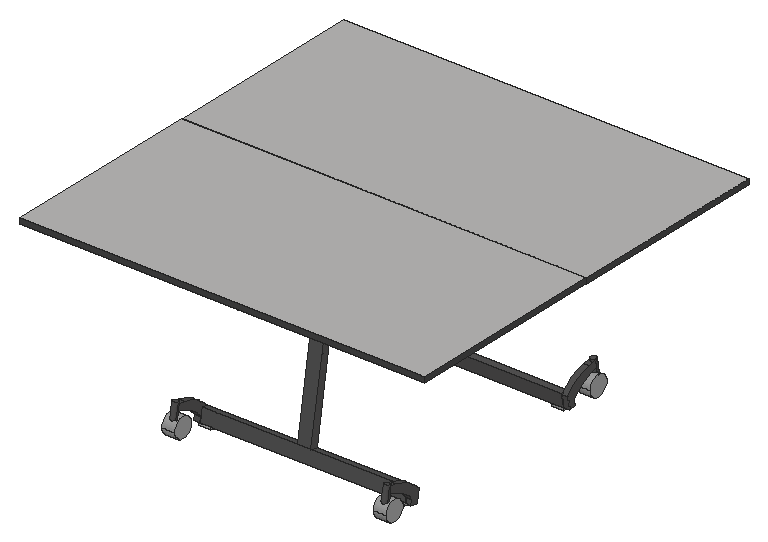
Revit family "22M MT 60 Fixed", category Furniture, Revit 2016
Family settings
  OmniClass Number = 23.40.20.00
  OmniClass Title = General Furniture and Specialties
  Work Plane-Based = No
  Always vertical = Yes
  Cut with Voids When Loaded = No
  Shared = No
  Room Calculation Point = No
Parameters (values of type "22M MT Square 29" High 60" Size")
  Top [instance] = Palmer Hamilton Lt Gry
  Shape = 22M 60 Square : 22M 60 Square
  Open [instance] = yes
  Model = "22M132960SQ-MT"
  Height = 2' - 5"
  Frame [instance] = Palmer Hamilton Black
  Edge [instance] = Palmer Hamilton - Edge
  Closed [instance] = not(Open)  # no
Reference planes (in)
  plane 1 "Center Front/Back": y = 0
  plane 2: z = 0
  plane 3 "Center Left/Right": x = 0
  plane 4: z = 29
  plane 5: z = 28.1875
Forms (in)
  Extrusion 1, solid, material "Palmer Hamilton Black" <- "Frame", visible <- "Open"
    sketch origin (0, 0, 0) x (1, 0, 0) y (0, 1, 0)
      loop
        line (-23.5938, -2.9375) -> (-23.5938, -4.1875) -> (23.6148, -4.1875) -> (23.6148, -2.9375) -> (-23.5938, -2.9375)
    from 26.37295 to 26.185
  Extrusion 2, solid, material "Palmer Hamilton Black" <- "Frame", visible <- "Open"
    sketch origin (0, 0, 0) x (-1, 0, 0) y (0, -1, 0)
      loop
        line (-23.5938, -2.9375) -> (-23.5938, -4.1875) -> (23.6148, -4.1875) -> (23.6148, -2.9375) -> (-23.5938, -2.9375)
    from 24.37295 to 26.185
  Extrusion 3, solid, material "Palmer Hamilton - Caster", visible <- "Open"
    sketch origin (-3.5625, -1.40523, 0.16852) x (0, 1, 0) y (0, 0, 1)
      loop
        circle (-17.51121, 1.47721) r 1.48082
    from -13.09375 to -11.15625
  Extrusion 4, solid, material "Palmer Hamilton Black" <- "Frame", visible <- "Open"
    sketch origin (-3.5625, 0, 0) x (0, 1, 0) y (0, 0, 1)
      loop
        line (-17.93372, 4.52353) -> (-19.13474, 4.73071) -> (-19.30706, 3.73169)
        arc (-19.30706, 3.73169) -> (-16.893, 2.94147) -> (-15.02222, 1.22323) r 6
        line (-15.02222, 1.22323) -> (-15.14846, 0.49139) -> (-14.15576, 0.32015) -> (-13.83045, 2.20604)
        arc (-13.83045, 2.20604) -> (-15.68121, 3.72046) -> (-17.93372, 4.52353) r 7
    from -12.55801 to -11.69199
  Extrusion 5, solid, material "Palmer Hamilton Black" <- "Frame", visible <- "Open"
    sketch origin (0, 0, 0) x (0, 1, 0) y (0, 0, 1)
      loop
        line (-14.15576, 0.32015) -> (-13.81579, 2.29105) -> (-14.80849, 2.46229) -> (-15.14846, 0.49139) -> (-14.15576, 0.32015)
    from -15.25449 to 15.25449
  Extrusion 6, solid, material "Palmer Hamilton Black" <- "Frame", visible <- "Open"
    sketch origin (0, 0, 0) x (0, 1, 0) y (0, 0, 1)
      loop
        line (-11.06838, 24.10105) -> (-14.80123, 2.46103) -> (-13.81579, 2.29105) -> (-10.07105, 23.99997) -> (-9.9404, 28.1875) -> (-10.94088, 28.1875) -> (-11.06838, 24.10105)
    from -1 to 1
  Extrusion 7, solid, material "Palmer Hamilton Black" <- "Frame", visible <- "Open"
    sketch origin (-3.5625, -13.42125, 9.87317) x (1, 0, 0) y (0, -0.984808, 0.173648)
      loop
        circle (-12.125, 4.73071) r 0.43301
    from 5.87278 to 8.34345
  Extrusion 8, solid, material "Palmer Hamilton - Caster", visible <- "Open"
    sketch origin (3.5625, -1.40523, 0.16852) x (0, 1, 0) y (0, 0, -1)
      loop
        circle (-17.51121, -1.47721) r 1.48082
    from -13.09375 to -11.15625
  Extrusion 9, solid, material "Palmer Hamilton Black" <- "Frame", visible <- "Open"
    sketch origin (3.5625, 0, 0) x (0, 1, 0) y (0, 0, -1)
      loop
        arc (-17.93372, -4.52353) -> (-15.68121, -3.72046) -> (-13.83045, -2.20604) r 7
        line (-13.83045, -2.20604) -> (-14.15576, -0.32015) -> (-15.14846, -0.49139) -> (-15.02222, -1.22323)
        arc (-15.02222, -1.22323) -> (-16.893, -2.94147) -> (-19.30706, -3.73169) r 6
        line (-19.30706, -3.73169) -> (-19.13474, -4.73071) -> (-17.93372, -4.52353)
    from -12.55801 to -11.69199
  Extrusion 10, solid, material "Palmer Hamilton Black" <- "Frame", visible <- "Open"
    sketch origin (3.5625, -13.42125, 9.87317) x (-1, 0, 0) y (0, 0.984808, -0.173648)
      loop
        circle (-12.125, -4.73071) r 0.43301
    from 5.87278 to 8.34345
  Extrusion 11, solid, material "Palmer Hamilton - Caster", visible <- "Open"
    sketch origin (-3.5625, -0.29943, -2.71621) x (1, 0, 0) y (0, 0.982643, -0.185508)
      loop
        line (-11.75, -14.10233) -> (-11.75, -15.25255) -> (-10, -15.25255) -> (-10, -14.10233) -> (-11.75, -14.10233)
    from 0.06173 to 0.40948
  Extrusion 12, solid, material "Palmer Hamilton Black" <- "Frame", visible <- "Open"
    sketch origin (0, 0, 0) x (0, 1, 0) y (0, 0, 1)
      loop
        line (-11.41736, 22.52337) -> (-11.62984, 21.29156) -> (-10.36887, 21.07405)
        arc (-10.36887, 21.07405) -> (-9.99557, 21.15826) -> (-9.79116, 21.48178) r 0.5
        line (-9.79116, 21.48178) -> (-9.74866, 21.72814)
        arc (-9.74866, 21.72814) -> (-9.83287, 22.10144) -> (-10.15639, 22.30586) r 0.5
        line (-10.15639, 22.30586) -> (-11.41736, 22.52337)
    from -1.5 to -1
  Extrusion 13, solid, material "Palmer Hamilton Black" <- "Frame", visible <- "Open"
    sketch origin (0, 0, 0) x (0, 1, 0) y (0, 0, 1)
      loop
        line (0.33278, 25.73927) -> (-10.8379, 21.81926) -> (-10.63095, 21.22952) -> (0.59407, 25.1686) -> (0.33278, 25.73927)
    from -1.75 to -1.5
  Extrusion 14, solid, material "Palmer Hamilton - Caster", visible <- "Open"
    sketch origin (3.5625, -0.29943, -2.71621) x (-1, 0, 0) y (0, -0.982643, 0.185508)
      loop
        line (-11.75, 14.10233) -> (-10, 14.10233) -> (-10, 15.25255) -> (-11.75, 15.25255) -> (-11.75, 14.10233)
    from 0.06173 to 0.40948
  Extrusion 15, solid, material "Palmer Hamilton - Caster", visible <- "Closed"
    sketch origin (-3.5625, 12.50854, 3.06684) x (0, 0.984808, 0.173648) y (0, -0.173648, 0.984808)
      loop
        circle (-17.51121, 1.47721) r 1.48082
    from -13.09375 to -11.15625
  Extrusion 16, solid, material "Palmer Hamilton Black" <- "Frame", visible <- "Closed"
    sketch origin (-3.5625, 13.92169, 3.14489) x (0, 0.984808, 0.173648) y (0, -0.173648, 0.984808)
      loop
        line (-17.93372, 4.52353) -> (-19.13474, 4.73071) -> (-19.30706, 3.73169)
        arc (-19.30706, 3.73169) -> (-16.893, 2.94147) -> (-15.02222, 1.22323) r 6
        line (-15.02222, 1.22323) -> (-15.14846, 0.49139) -> (-14.15576, 0.32015) -> (-13.83045, 2.20604)
        arc (-13.83045, 2.20604) -> (-15.68121, 3.72046) -> (-17.93372, 4.52353) r 7
    from -12.55801 to -11.69199
  Extrusion 17, solid, material "Palmer Hamilton Black" <- "Frame", visible <- "Closed"
    sketch origin (0, 13.92169, 3.14489) x (0, 0.984808, 0.173648) y (0, -0.173648, 0.984808)
      loop
        line (-14.15576, 0.32015) -> (-13.81579, 2.29105) -> (-14.80849, 2.46229) -> (-15.14846, 0.49139) -> (-14.15576, 0.32015)
    from -15.25449 to 15.25449
  Extrusion 18, solid, material "Palmer Hamilton Black" <- "Frame", visible <- "Closed"
    sketch origin (0, 13.92169, 3.14489) x (0, 0.984808, 0.173648) y (0, -0.173648, 0.984808)
      loop
        line (-11.06838, 24.10105) -> (-14.80123, 2.46103) -> (-13.81579, 2.29105) -> (-10.07105, 23.99997) -> (-9.9404, 28.1875) -> (-10.94088, 28.1875) -> (-11.06838, 24.10105)
    from -1 to 1
  Extrusion 19, solid, material "Palmer Hamilton Black" <- "Frame", visible <- "Closed"
    sketch origin (-3.5625, -1.01012, 10.53749) x (0, -1, 0) y (1, 0, 0)
      loop
        circle (4.73071, -12.125) r 0.43301
    from -8.55402 to -5.94871
  Extrusion 20, solid, material "Palmer Hamilton - Caster", visible <- "Closed"
    sketch origin (3.5625, 12.50854, 3.06684) x (0, 0.984808, 0.173648) y (0, 0.173648, -0.984808)
      loop
        circle (-17.51121, -1.47721) r 1.48082
    from -13.09375 to -11.15625
  Extrusion 21, solid, material "Palmer Hamilton Black" <- "Frame", visible <- "Closed"
    sketch origin (3.5625, 13.92169, 3.14489) x (0, 0.984808, 0.173648) y (0, 0.173648, -0.984808)
      loop
        arc (-17.93372, -4.52353) -> (-15.68121, -3.72046) -> (-13.83045, -2.20604) r 7
        line (-13.83045, -2.20604) -> (-14.15576, -0.32015) -> (-15.14846, -0.49139) -> (-15.02222, -1.22323)
        arc (-15.02222, -1.22323) -> (-16.893, -2.94147) -> (-19.30706, -3.73169) r 6
        line (-19.30706, -3.73169) -> (-19.13474, -4.73071) -> (-17.93372, -4.52353)
    from -12.55801 to -11.69199
  Extrusion 22, solid, material "Palmer Hamilton Black" <- "Frame", visible <- "Closed"
    sketch origin (3.5625, -1.01012, 10.53749) x (0, 1, 0) y (-1, 0, 0)
      loop
        circle (-4.73071, -12.125) r 0.43301
    from -8.55402 to -5.94871
  Extrusion 23, solid, material "Palmer Hamilton - Caster", visible <- "Closed"
    sketch origin (-3.5625, 14.09847, 0.41795) x (1, 0, 0) y (0, 0.999927, -0.012055)
      loop
        line (-11.75, -14.10233) -> (-11.75, -15.25255) -> (-10, -15.25255) -> (-10, -14.10233) -> (-11.75, -14.10233)
    from 0.06173 to 0.40948
  Extrusion 24, solid, material "Palmer Hamilton Black" <- "Frame", visible <- "Closed"
    sketch origin (0, 13.92169, 3.14489) x (0, 0.984808, 0.173648) y (0, -0.173648, 0.984808)
      loop
        line (-11.41736, 22.52337) -> (-11.62984, 21.29156) -> (-10.36887, 21.07405)
        arc (-10.36887, 21.07405) -> (-9.99557, 21.15826) -> (-9.79116, 21.48178) r 0.5
        line (-9.79116, 21.48178) -> (-9.74866, 21.72814)
        arc (-9.74866, 21.72814) -> (-9.83287, 22.10144) -> (-10.15639, 22.30586) r 0.5
        line (-10.15639, 22.30586) -> (-11.41736, 22.52337)
    from -1.5 to -1
  Extrusion 25, solid, material "Palmer Hamilton - Caster", visible <- "Closed"
    sketch origin (3.5625, 14.09847, 0.41795) x (-1, 0, 0) y (0, -0.999927, 0.012055)
      loop
        line (-11.75, 14.10233) -> (-10, 14.10233) -> (-10, 15.25255) -> (-11.75, 15.25255) -> (-11.75, 14.10233)
    from 0.06173 to 0.40948
  Extrusion 26, solid, material "Palmer Hamilton - Caster", visible <- "Open"
    sketch origin (3.5625, 1.40523, 0.16852) x (0, -1, 0) y (0, 0, 1)
      loop
        circle (-17.51121, 1.47721) r 1.48082
    from -13.09375 to -11.15625
  Extrusion 27, solid, material "Palmer Hamilton Black" <- "Frame", visible <- "Open"
    sketch origin (3.5625, 0, 0) x (0, -1, 0) y (0, 0, 1)
      loop
        line (-17.93372, 4.52353) -> (-19.13474, 4.73071) -> (-19.30706, 3.73169)
        arc (-19.30706, 3.73169) -> (-16.893, 2.94147) -> (-15.02222, 1.22323) r 6
        line (-15.02222, 1.22323) -> (-15.14846, 0.49139) -> (-14.15576, 0.32015) -> (-13.83045, 2.20604)
        arc (-13.83045, 2.20604) -> (-15.68121, 3.72046) -> (-17.93372, 4.52353) r 7
    from -12.55801 to -11.69199
  Extrusion 28, solid, material "Palmer Hamilton Black" <- "Frame", visible <- "Open"
    sketch origin (0, 0, 0) x (0, -1, 0) y (0, 0, 1)
      loop
        line (-14.15576, 0.32015) -> (-13.81579, 2.29105) -> (-14.80849, 2.46229) -> (-15.14846, 0.49139) -> (-14.15576, 0.32015)
    from -15.25449 to 15.25449
  Extrusion 29, solid, material "Palmer Hamilton Black" <- "Frame", visible <- "Open"
    sketch origin (0, 0, 0) x (0, -1, 0) y (0, 0, 1)
      loop
        line (-11.06838, 24.10105) -> (-14.80123, 2.46103) -> (-13.81579, 2.29105) -> (-10.07105, 23.99997) -> (-9.9404, 28.1875) -> (-10.94088, 28.1875) -> (-11.06838, 24.10105)
    from -1 to 1
  Extrusion 30, solid, material "Palmer Hamilton Black" <- "Frame", visible <- "Open"
    sketch origin (3.5625, 13.42125, 9.87317) x (-1, 0, 0) y (0, 0.984808, 0.173648)
      loop
        circle (-12.125, 4.73071) r 0.43301
    from 5.87278 to 8.34345
  Extrusion 31, solid, material "Palmer Hamilton - Caster", visible <- "Open"
    sketch origin (-3.5625, 1.40523, 0.16852) x (0, -1, 0) y (0, 0, -1)
      loop
        circle (-17.51121, -1.47721) r 1.48082
    from -13.09375 to -11.15625
  Extrusion 32, solid, material "Palmer Hamilton Black" <- "Frame", visible <- "Open"
    sketch origin (-3.5625, 0, 0) x (0, -1, 0) y (0, 0, -1)
      loop
        arc (-17.93372, -4.52353) -> (-15.68121, -3.72046) -> (-13.83045, -2.20604) r 7
        line (-13.83045, -2.20604) -> (-14.15576, -0.32015) -> (-15.14846, -0.49139) -> (-15.02222, -1.22323)
        arc (-15.02222, -1.22323) -> (-16.893, -2.94147) -> (-19.30706, -3.73169) r 6
        line (-19.30706, -3.73169) -> (-19.13474, -4.73071) -> (-17.93372, -4.52353)
    from -12.55801 to -11.69199
  Extrusion 33, solid, material "Palmer Hamilton Black" <- "Frame", visible <- "Open"
    sketch origin (-3.5625, 13.42125, 9.87317) x (1, 0, 0) y (0, -0.984808, -0.173648)
      loop
        circle (-12.125, -4.73071) r 0.43301
    from 5.87278 to 8.34345
  Extrusion 34, solid, material "Palmer Hamilton - Caster", visible <- "Open"
    sketch origin (3.5625, 0.29943, -2.71621) x (-1, 0, 0) y (0, -0.982643, -0.185508)
      loop
        line (-11.75, -14.10233) -> (-11.75, -15.25255) -> (-10, -15.25255) -> (-10, -14.10233) -> (-11.75, -14.10233)
    from 0.06173 to 0.40948
  Extrusion 35, solid, material "Palmer Hamilton Black" <- "Frame", visible <- "Open"
    sketch origin (0, 0, 0) x (0, -1, 0) y (0, 0, 1)
      loop
        line (-11.41736, 22.52337) -> (-11.62984, 21.29156) -> (-10.36887, 21.07405)
        arc (-10.36887, 21.07405) -> (-9.99557, 21.15826) -> (-9.79116, 21.48178) r 0.5
        line (-9.79116, 21.48178) -> (-9.74866, 21.72814)
        arc (-9.74866, 21.72814) -> (-9.83287, 22.10144) -> (-10.15639, 22.30586) r 0.5
        line (-10.15639, 22.30586) -> (-11.41736, 22.52337)
    from -1.5 to -1
  Extrusion 36, solid, material "Palmer Hamilton Black" <- "Frame", visible <- "Open"
    sketch origin (0, 0, 0) x (0, -1, 0) y (0, 0, 1)
      loop
        line (0.33278, 25.73927) -> (-10.8379, 21.81926) -> (-10.63095, 21.22952) -> (0.59407, 25.1686) -> (0.33278, 25.73927)
    from -1.75 to -1.5
  Extrusion 37, solid, material "Palmer Hamilton - Caster", visible <- "Open"
    sketch origin (-3.5625, 0.29943, -2.71621) x (1, 0, 0) y (0, 0.982643, 0.185508)
      loop
        line (-11.75, 14.10233) -> (-10, 14.10233) -> (-10, 15.25255) -> (-11.75, 15.25255) -> (-11.75, 14.10233)
    from 0.06173 to 0.40948
  Extrusion 38, solid, material "Palmer Hamilton - Caster", visible <- "Closed"
    sketch origin (3.5625, -12.50854, 3.06684) x (0, -0.984808, 0.173648) y (0, 0.173648, 0.984808)
      loop
        circle (-17.51121, 1.47721) r 1.48082
    from -13.09375 to -11.15625
  Extrusion 39, solid, material "Palmer Hamilton Black" <- "Frame", visible <- "Closed"
    sketch origin (3.5625, -13.92169, 3.14489) x (0, -0.984808, 0.173648) y (0, 0.173648, 0.984808)
      loop
        line (-17.93372, 4.52353) -> (-19.13474, 4.73071) -> (-19.30706, 3.73169)
        arc (-19.30706, 3.73169) -> (-16.893, 2.94147) -> (-15.02222, 1.22323) r 6
        line (-15.02222, 1.22323) -> (-15.14846, 0.49139) -> (-14.15576, 0.32015) -> (-13.83045, 2.20604)
        arc (-13.83045, 2.20604) -> (-15.68121, 3.72046) -> (-17.93372, 4.52353) r 7
    from -12.55801 to -11.69199
  Extrusion 40, solid, material "Palmer Hamilton Black" <- "Frame", visible <- "Closed"
    sketch origin (0, -13.92169, 3.14489) x (0, -0.984808, 0.173648) y (0, 0.173648, 0.984808)
      loop
        line (-14.15576, 0.32015) -> (-13.81579, 2.29105) -> (-14.80849, 2.46229) -> (-15.14846, 0.49139) -> (-14.15576, 0.32015)
    from -15.25449 to 15.25449
  Extrusion 41, solid, material "Palmer Hamilton Black" <- "Frame", visible <- "Closed"
    sketch origin (0, -13.92169, 3.14489) x (0, -0.984808, 0.173648) y (0, 0.173648, 0.984808)
      loop
        line (-11.06838, 24.10105) -> (-14.80123, 2.46103) -> (-13.81579, 2.29105) -> (-10.07105, 23.99997) -> (-9.9404, 28.1875) -> (-10.94088, 28.1875) -> (-11.06838, 24.10105)
    from -1 to 1
  Extrusion 42, solid, material "Palmer Hamilton Black" <- "Frame", visible <- "Closed"
    sketch origin (3.5625, 1.01012, 10.53749) x (0, 1, 0) y (-1, 0, 0)
      loop
        circle (4.73071, -12.125) r 0.43301
    from -8.55402 to -5.94871
  Extrusion 43, solid, material "Palmer Hamilton - Caster", visible <- "Closed"
    sketch origin (-3.5625, -12.50854, 3.06684) x (0, -0.984808, 0.173648) y (0, -0.173648, -0.984808)
      loop
        circle (-17.51121, -1.47721) r 1.48082
    from -13.09375 to -11.15625
  Extrusion 44, solid, material "Palmer Hamilton Black" <- "Frame", visible <- "Closed"
    sketch origin (-3.5625, -13.92169, 3.14489) x (0, -0.984808, 0.173648) y (0, -0.173648, -0.984808)
      loop
        arc (-17.93372, -4.52353) -> (-15.68121, -3.72046) -> (-13.83045, -2.20604) r 7
        line (-13.83045, -2.20604) -> (-14.15576, -0.32015) -> (-15.14846, -0.49139) -> (-15.02222, -1.22323)
        arc (-15.02222, -1.22323) -> (-16.893, -2.94147) -> (-19.30706, -3.73169) r 6
        line (-19.30706, -3.73169) -> (-19.13474, -4.73071) -> (-17.93372, -4.52353)
    from -12.55801 to -11.69199
  Extrusion 45, solid, material "Palmer Hamilton Black" <- "Frame", visible <- "Closed"
    sketch origin (-3.5625, 1.01012, 10.53749) x (0, -1, 0) y (1, 0, 0)
      loop
        circle (-4.73071, -12.125) r 0.43301
    from -8.55402 to -5.94871
  Extrusion 46, solid, material "Palmer Hamilton - Caster", visible <- "Closed"
    sketch origin (3.5625, -14.09847, 0.41795) x (-1, 0, 0) y (0, -0.999927, -0.012055)
      loop
        line (-11.75, -14.10233) -> (-11.75, -15.25255) -> (-10, -15.25255) -> (-10, -14.10233) -> (-11.75, -14.10233)
    from 0.06173 to 0.40948
  Extrusion 47, solid, material "Palmer Hamilton Black" <- "Frame", visible <- "Closed"
    sketch origin (0, -13.92169, 3.14489) x (0, -0.984808, 0.173648) y (0, 0.173648, 0.984808)
      loop
        line (-11.41736, 22.52337) -> (-11.62984, 21.29156) -> (-10.36887, 21.07405)
        arc (-10.36887, 21.07405) -> (-9.99557, 21.15826) -> (-9.79116, 21.48178) r 0.5
        line (-9.79116, 21.48178) -> (-9.74866, 21.72814)
        arc (-9.74866, 21.72814) -> (-9.83287, 22.10144) -> (-10.15639, 22.30586) r 0.5
        line (-10.15639, 22.30586) -> (-11.41736, 22.52337)
    from -1.5 to -1
  Extrusion 48, solid, material "Palmer Hamilton - Caster", visible <- "Closed"
    sketch origin (-3.5625, -14.09847, 0.41795) x (1, 0, 0) y (0, 0.999927, 0.012055)
      loop
        line (-11.75, 14.10233) -> (-10, 14.10233) -> (-10, 15.25255) -> (-11.75, 15.25255) -> (-11.75, 14.10233)
    from 0.06173 to 0.40948
Dimensions and locks (in)
  locked: plane 4 to plane 5 at 0.8125
  "Height": plane 4 to level
  locked: plane 5 to Extrusion 1 at 1.81455
  aligned and locked: level to plane 2
Automatic sketch dimensions
  plane 1 "Center Front/Back" to Extrusion 1 sketch curve = 0' - 4 3/16"
  Extrusion 1 sketch curve to plane 3 "Center Left/Right" = 1' - 11.5938"
  plane 3 "Center Left/Right" to Extrusion 1 sketch curve = 1' - 11.6148"
  Extrusion 1 sketch curve to Extrusion 1 sketch curve = 0' - 1 1/4"
  Extrusion 2 sketch curve to plane 1 "Center Front/Back" = 0' - 4 3/16"
  plane 3 "Center Left/Right" to Extrusion 2 sketch curve = 1' - 11.5938"
  Extrusion 2 sketch curve to plane 3 "Center Left/Right" = 1' - 11.6148"
  Extrusion 2 sketch curve to Extrusion 2 sketch curve = 0' - 1 1/4"
  level to Extrusion 3 sketch curve = 0' - 1.64573"
  plane 1 "Center Front/Back" to Extrusion 3 sketch curve = 1' - 6.91645"
  Extrusion 4 sketch curve to level = 0' - 2.23647"
  plane 1 "Center Front/Back" to Extrusion 4 sketch curve = 1' - 7.92431"
  level to Extrusion 4 sketch curve = 0' - 3.73169"
  Extrusion 4 sketch curve to Extrusion 4 sketch curve = 0' - 0.61724"
  level to Extrusion 4 sketch curve = 0' - 4.73071"
  Extrusion 4 sketch curve to Extrusion 4 sketch curve = 0' - 0.17233"
  Extrusion 4 sketch curve to Extrusion 4 sketch curve = 0' - 0.80068"
  level to Extrusion 4 sketch curve = 0' - 4.52353"
  level to Extrusion 4 sketch curve = 0' - 0.49139"
  Extrusion 4 sketch curve to Extrusion 4 sketch curve = 0' - 3.97517"
  level to Extrusion 4 sketch curve = 0' - 1.22323"
  level to Extrusion 4 sketch curve = 0' - 0.32015"
  level to Extrusion 4 sketch curve = 0' - 2.20604"
  level to Extrusion 5 sketch curve = 0' - 0.49139"
  plane 1 "Center Front/Back" to Extrusion 5 sketch curve = 1' - 3.14846"
  level to Extrusion 5 sketch curve = 0' - 2.46229"
  Extrusion 5 sketch curve to Extrusion 5 sketch curve = 0' - 0.33997"
  level to Extrusion 5 sketch curve = 0' - 0.32015"
  plane 5 to Extrusion 6 sketch curve = 0' - 0"
  level to Extrusion 6 sketch curve = 0' - 2.46103"
  plane 1 "Center Front/Back" to Extrusion 6 sketch curve = 1' - 2.80123"
  level to Extrusion 6 sketch curve = 0' - 2.29105"
  Extrusion 6 sketch curve to Extrusion 6 sketch curve = 0' - 0.98545"
  plane 5 to Extrusion 6 sketch curve = 0' - 4.08645"
  Extrusion 6 sketch curve to Extrusion 6 sketch curve = 0' - 0.1275"
  plane 5 to Extrusion 6 sketch curve = 0' - 4.18753"
  Extrusion 6 sketch curve to Extrusion 6 sketch curve = 0' - 1.00049"
  Extrusion 7 sketch curve to plane 3 "Center Left/Right" = 1' - 3 11/16"
  level to Extrusion 8 sketch curve = 0' - 1.64573"
  plane 1 "Center Front/Back" to Extrusion 8 sketch curve = 1' - 6.91645"
  Extrusion 9 sketch curve to level = 0' - 2.23647"
  plane 1 "Center Front/Back" to Extrusion 9 sketch curve = 1' - 7.92431"
  level to Extrusion 9 sketch curve = 0' - 3.73169"
  Extrusion 9 sketch curve to Extrusion 9 sketch curve = 0' - 0.61724"
  level to Extrusion 9 sketch curve = 0' - 4.73071"
  Extrusion 9 sketch curve to Extrusion 9 sketch curve = 0' - 0.17233"
  Extrusion 9 sketch curve to Extrusion 9 sketch curve = 0' - 0.80068"
  level to Extrusion 9 sketch curve = 0' - 4.52353"
  level to Extrusion 9 sketch curve = 0' - 0.49139"
  Extrusion 9 sketch curve to Extrusion 9 sketch curve = 0' - 3.97517"
  level to Extrusion 9 sketch curve = 0' - 1.22323"
  level to Extrusion 9 sketch curve = 0' - 0.32015"
  level to Extrusion 9 sketch curve = 0' - 2.20604"
  plane 3 "Center Left/Right" to Extrusion 10 sketch curve = 1' - 3 11/16"
  Extrusion 11 sketch curve to plane 3 "Center Left/Right" = 1' - 3 5/16"
  Extrusion 11 sketch curve to Extrusion 11 sketch curve = 0' - 1 3/4"
  Extrusion 11 sketch curve to Extrusion 11 sketch curve = 0' - 1.15021"
  plane 1 "Center Front/Back" to Extrusion 12 sketch curve = 0' - 11.62984"
  plane 5 to Extrusion 12 sketch curve = 0' - 5.66413"
  Extrusion 12 sketch curve to Extrusion 12 sketch curve = 0' - 0.21248"
  Extrusion 12 sketch curve to Extrusion 12 sketch curve = 0' - 1.26097"
  Extrusion 12 sketch curve to Extrusion 12 sketch curve = 0' - 0.08499"  (x2)
  Extrusion 12 sketch curve to Extrusion 12 sketch curve = 0' - 0.0425"  (x2)
  Extrusion 12 sketch curve to Extrusion 12 sketch curve = 0' - 0.49272"  (x2)
  Extrusion 12 sketch curve to Extrusion 12 sketch curve = 0' - 0.21751"
  Extrusion 12 sketch curve to Extrusion 12 sketch curve = 0' - 0.24636"
  plane 1 "Center Front/Back" to Extrusion 13 sketch curve = 0' - 10.8379"
  plane 5 to Extrusion 13 sketch curve = 0' - 6.95798"
  Extrusion 13 sketch curve to Extrusion 13 sketch curve = 0' - 0.20695"
  Extrusion 13 sketch curve to plane 1 "Center Front/Back" = 0' - 0.33278"
  Extrusion 13 sketch curve to plane 1 "Center Front/Back" = 0' - 0.59407"
  Extrusion 13 sketch curve to Extrusion 13 sketch curve = 0' - 0.58974"
  plane 3 "Center Left/Right" to Extrusion 14 sketch curve = 1' - 3 5/16"
  Extrusion 14 sketch curve to Extrusion 14 sketch curve = 0' - 1 3/4"
  Extrusion 14 sketch curve to Extrusion 14 sketch curve = 0' - 1.15021"
  level to Extrusion 15 sketch curve = 0' - 1.48082"
  plane 1 "Center Front/Back" to Extrusion 15 sketch curve = 0' - 4.99316"
  Extrusion 16 sketch curve to level = 0' - 2.51742"
  plane 1 "Center Front/Back" to Extrusion 16 sketch curve = 0' - 5.31157"
  Extrusion 16 sketch curve to Extrusion 16 sketch curve = 0' - 0.61724"
  Extrusion 16 sketch curve to Extrusion 16 sketch curve = 0' - 0.17233"
  Extrusion 16 sketch curve to Extrusion 16 sketch curve = 0' - 0.80068"
  Extrusion 16 sketch curve to Extrusion 16 sketch curve = 0' - 1.20101"
  Extrusion 16 sketch curve to Extrusion 16 sketch curve = 0' - 3.97517"
  Extrusion 16 sketch curve to Extrusion 16 sketch curve = 0' - 0.12624"
  Extrusion 16 sketch curve to Extrusion 16 sketch curve = 0' - 0.9927"
  Extrusion 16 sketch curve to Extrusion 16 sketch curve = 0' - 1.19177"
  Extrusion 16 sketch curve to Extrusion 16 sketch curve = 0' - 0.13811"
  Extrusion 16 sketch curve to Extrusion 16 sketch curve = 0' - 2.69474"
  Extrusion 16 sketch curve to Extrusion 16 sketch curve = 0' - 0.17124"
  level to Extrusion 17 sketch curve = 0' - 0.99832"
  plane 1 "Center Front/Back" to Extrusion 17 sketch curve = 0' - 1.08197"
  Extrusion 17 sketch curve to Extrusion 17 sketch curve = 0' - 0.33997"
  Extrusion 17 sketch curve to Extrusion 17 sketch curve = 0' - 0.9927"
  Extrusion 17 sketch curve to Extrusion 17 sketch curve = 0' - 0.17124"
  level to Extrusion 18 sketch curve = 0' - 2.99833"
  plane 1 "Center Front/Back" to Extrusion 18 sketch curve = 0' - 1 21/256"
  Extrusion 18 sketch curve to Extrusion 18 sketch curve = 0' - 0.98545"
  Extrusion 18 sketch curve to Extrusion 18 sketch curve = 0' - 3.73285"
  Extrusion 18 sketch curve to Extrusion 18 sketch curve = 0' - 0.1275"
  Extrusion 18 sketch curve to Extrusion 18 sketch curve = 0' - 0.99733"
  Extrusion 18 sketch curve to Extrusion 18 sketch curve = 0' - 1.00049"
  Extrusion 18 sketch curve to Extrusion 18 sketch curve = 0' - 0.16999"
  Extrusion 18 sketch curve to Extrusion 18 sketch curve = 0' - 4.18753"
  plane 1 "Center Front/Back" to Extrusion 19 sketch curve = 0' - 5.74083"
  Extrusion 19 sketch curve to plane 3 "Center Left/Right" = 1' - 3 11/16"
  level to Extrusion 20 sketch curve = 0' - 1.48082"
  plane 1 "Center Front/Back" to Extrusion 20 sketch curve = 0' - 4.99316"
  Extrusion 21 sketch curve to level = 0' - 2.51742"
  plane 1 "Center Front/Back" to Extrusion 21 sketch curve = 0' - 5.31157"
  Extrusion 21 sketch curve to Extrusion 21 sketch curve = 0' - 0.61724"
  Extrusion 21 sketch curve to Extrusion 21 sketch curve = 0' - 0.17233"
  Extrusion 21 sketch curve to Extrusion 21 sketch curve = 0' - 0.80068"
  Extrusion 21 sketch curve to Extrusion 21 sketch curve = 0' - 1.20101"
  Extrusion 21 sketch curve to Extrusion 21 sketch curve = 0' - 3.97517"
  Extrusion 21 sketch curve to Extrusion 21 sketch curve = 0' - 0.12624"
  Extrusion 21 sketch curve to Extrusion 21 sketch curve = 0' - 0.9927"
  Extrusion 21 sketch curve to Extrusion 21 sketch curve = 0' - 1.19177"
  Extrusion 21 sketch curve to Extrusion 21 sketch curve = 0' - 2.55663"
  Extrusion 21 sketch curve to Extrusion 21 sketch curve = 0' - 0.17124"
  Extrusion 21 sketch curve to Extrusion 21 sketch curve = 0' - 0.79184"
  plane 1 "Center Front/Back" to Extrusion 22 sketch curve = 0' - 5.74083"
  plane 3 "Center Left/Right" to Extrusion 22 sketch curve = 1' - 3 11/16"
  Extrusion 23 sketch curve to plane 3 "Center Left/Right" = 1' - 3 5/16"
  Extrusion 23 sketch curve to Extrusion 23 sketch curve = 0' - 1 3/4"
  Extrusion 23 sketch curve to Extrusion 23 sketch curve = 0' - 1.15021"
  plane 1 "Center Front/Back" to Extrusion 24 sketch curve = 0' - 1.22871"
  plane 5 to Extrusion 24 sketch curve = 0' - 6.09401"
  Extrusion 24 sketch curve to Extrusion 24 sketch curve = 0' - 0.21248"
  Extrusion 24 sketch curve to Extrusion 24 sketch curve = 0' - 1.26097"
  Extrusion 24 sketch curve to Extrusion 24 sketch curve = 0' - 0.08499"  (x2)
  Extrusion 24 sketch curve to Extrusion 24 sketch curve = 0' - 0.0425"  (x2)
  Extrusion 24 sketch curve to Extrusion 24 sketch curve = 0' - 0.49272"
  Extrusion 24 sketch curve to Extrusion 24 sketch curve = 0' - 0.21751"
  Extrusion 24 sketch curve to Extrusion 24 sketch curve = 0' - 0.40773"
  Extrusion 24 sketch curve to Extrusion 24 sketch curve = 0' - 0.24636"
  plane 3 "Center Left/Right" to Extrusion 25 sketch curve = 1' - 3 5/16"
  Extrusion 25 sketch curve to Extrusion 25 sketch curve = 0' - 1 3/4"
  Extrusion 25 sketch curve to Extrusion 25 sketch curve = 0' - 1.15021"
  level to Extrusion 26 sketch curve = 0' - 1.64573"
  Extrusion 26 sketch curve to plane 1 "Center Front/Back" = 1' - 6.91645"
  Extrusion 27 sketch curve to level = 0' - 2.23647"
  Extrusion 27 sketch curve to plane 1 "Center Front/Back" = 1' - 7.92431"
  level to Extrusion 27 sketch curve = 0' - 3.73169"
  Extrusion 27 sketch curve to Extrusion 27 sketch curve = 0' - 0.61724"
  level to Extrusion 27 sketch curve = 0' - 4.73071"
  Extrusion 27 sketch curve to Extrusion 27 sketch curve = 0' - 0.17233"
  Extrusion 27 sketch curve to Extrusion 27 sketch curve = 0' - 0.80068"
  level to Extrusion 27 sketch curve = 0' - 4.52353"
  level to Extrusion 27 sketch curve = 0' - 0.49139"
  Extrusion 27 sketch curve to Extrusion 27 sketch curve = 0' - 3.97517"
  level to Extrusion 27 sketch curve = 0' - 1.22323"
  level to Extrusion 27 sketch curve = 0' - 0.32015"
  level to Extrusion 27 sketch curve = 0' - 2.20604"
  level to Extrusion 28 sketch curve = 0' - 0.49139"
  Extrusion 28 sketch curve to plane 1 "Center Front/Back" = 1' - 3.14846"
  level to Extrusion 28 sketch curve = 0' - 2.46229"
  Extrusion 28 sketch curve to Extrusion 28 sketch curve = 0' - 0.33997"
  level to Extrusion 28 sketch curve = 0' - 0.32015"
  plane 5 to Extrusion 29 sketch curve = 0' - 0"
  level to Extrusion 29 sketch curve = 0' - 2.46103"
  Extrusion 29 sketch curve to plane 1 "Center Front/Back" = 1' - 2.80123"
  level to Extrusion 29 sketch curve = 0' - 2.29105"
  Extrusion 29 sketch curve to Extrusion 29 sketch curve = 0' - 0.98545"
  plane 5 to Extrusion 29 sketch curve = 0' - 4.08645"
  Extrusion 29 sketch curve to Extrusion 29 sketch curve = 0' - 0.1275"
  plane 5 to Extrusion 29 sketch curve = 0' - 4.18753"
  Extrusion 29 sketch curve to Extrusion 29 sketch curve = 0' - 1.00049"
  plane 3 "Center Left/Right" to Extrusion 30 sketch curve = 1' - 3 11/16"
  level to Extrusion 31 sketch curve = 0' - 1.64573"
  Extrusion 31 sketch curve to plane 1 "Center Front/Back" = 1' - 6.91645"
  Extrusion 32 sketch curve to level = 0' - 2.23647"
  Extrusion 32 sketch curve to plane 1 "Center Front/Back" = 1' - 7.92431"
  level to Extrusion 32 sketch curve = 0' - 3.73169"
  Extrusion 32 sketch curve to Extrusion 32 sketch curve = 0' - 0.61724"
  level to Extrusion 32 sketch curve = 0' - 4.73071"
  Extrusion 32 sketch curve to Extrusion 32 sketch curve = 0' - 0.17233"
  Extrusion 32 sketch curve to Extrusion 32 sketch curve = 0' - 0.80068"
  level to Extrusion 32 sketch curve = 0' - 4.52353"
  level to Extrusion 32 sketch curve = 0' - 0.49139"
  Extrusion 32 sketch curve to Extrusion 32 sketch curve = 0' - 3.97517"
  level to Extrusion 32 sketch curve = 0' - 1.22323"
  level to Extrusion 32 sketch curve = 0' - 0.32015"
  level to Extrusion 32 sketch curve = 0' - 2.20604"
  Extrusion 33 sketch curve to plane 3 "Center Left/Right" = 1' - 3 11/16"
  plane 3 "Center Left/Right" to Extrusion 34 sketch curve = 1' - 3 5/16"
  Extrusion 34 sketch curve to Extrusion 34 sketch curve = 0' - 1 3/4"
  Extrusion 34 sketch curve to Extrusion 34 sketch curve = 0' - 1.15021"
  Extrusion 35 sketch curve to plane 1 "Center Front/Back" = 0' - 11.62984"
  plane 5 to Extrusion 35 sketch curve = 0' - 5.66413"
  Extrusion 35 sketch curve to Extrusion 35 sketch curve = 0' - 0.21248"
  Extrusion 35 sketch curve to Extrusion 35 sketch curve = 0' - 1.26097"
  Extrusion 35 sketch curve to Extrusion 35 sketch curve = 0' - 0.08499"  (x2)
  Extrusion 35 sketch curve to Extrusion 35 sketch curve = 0' - 0.0425"  (x2)
  Extrusion 35 sketch curve to Extrusion 35 sketch curve = 0' - 0.49272"  (x2)
  Extrusion 35 sketch curve to Extrusion 35 sketch curve = 0' - 0.21751"
  Extrusion 35 sketch curve to Extrusion 35 sketch curve = 0' - 0.24636"
  Extrusion 36 sketch curve to plane 1 "Center Front/Back" = 0' - 10.8379"
  plane 5 to Extrusion 36 sketch curve = 0' - 6.95798"
  Extrusion 36 sketch curve to Extrusion 36 sketch curve = 0' - 0.20695"
  plane 1 "Center Front/Back" to Extrusion 36 sketch curve = 0' - 0.33278"
  plane 1 "Center Front/Back" to Extrusion 36 sketch curve = 0' - 0.59407"
  Extrusion 36 sketch curve to Extrusion 36 sketch curve = 0' - 0.58974"
  Extrusion 37 sketch curve to plane 3 "Center Left/Right" = 1' - 3 5/16"
  Extrusion 37 sketch curve to Extrusion 37 sketch curve = 0' - 1 3/4"
  Extrusion 37 sketch curve to Extrusion 37 sketch curve = 0' - 1.15021"
  level to Extrusion 38 sketch curve = 0' - 1.48082"
  Extrusion 38 sketch curve to plane 1 "Center Front/Back" = 0' - 4.99316"
  Extrusion 39 sketch curve to level = 0' - 2.51742"
  Extrusion 39 sketch curve to plane 1 "Center Front/Back" = 0' - 5.31157"
  Extrusion 39 sketch curve to Extrusion 39 sketch curve = 0' - 0.61724"
  Extrusion 39 sketch curve to Extrusion 39 sketch curve = 0' - 0.17233"
  Extrusion 39 sketch curve to Extrusion 39 sketch curve = 0' - 0.80068"
  Extrusion 39 sketch curve to Extrusion 39 sketch curve = 0' - 1.20101"
  Extrusion 39 sketch curve to Extrusion 39 sketch curve = 0' - 3.97517"
  Extrusion 39 sketch curve to Extrusion 39 sketch curve = 0' - 0.12624"
  Extrusion 39 sketch curve to Extrusion 39 sketch curve = 0' - 0.9927"
  Extrusion 39 sketch curve to Extrusion 39 sketch curve = 0' - 1.19177"
  Extrusion 39 sketch curve to Extrusion 39 sketch curve = 0' - 0.13811"
  Extrusion 39 sketch curve to Extrusion 39 sketch curve = 0' - 2.69474"
  Extrusion 39 sketch curve to Extrusion 39 sketch curve = 0' - 0.17124"
  level to Extrusion 40 sketch curve = 0' - 0.99832"
  Extrusion 40 sketch curve to plane 1 "Center Front/Back" = 0' - 1.08197"
  Extrusion 40 sketch curve to Extrusion 40 sketch curve = 0' - 0.33997"
  Extrusion 40 sketch curve to Extrusion 40 sketch curve = 0' - 0.9927"
  Extrusion 40 sketch curve to Extrusion 40 sketch curve = 0' - 0.17124"
  Extrusion 41 sketch curve to plane 1 "Center Front/Back" = 0' - 1 21/256"
  level to Extrusion 41 sketch curve = 0' - 2.99833"
  Extrusion 41 sketch curve to Extrusion 41 sketch curve = 0' - 0.98545"
  Extrusion 41 sketch curve to Extrusion 41 sketch curve = 0' - 3.73285"
  Extrusion 41 sketch curve to Extrusion 41 sketch curve = 0' - 0.1275"
  Extrusion 41 sketch curve to Extrusion 41 sketch curve = 0' - 0.99733"
  Extrusion 41 sketch curve to Extrusion 41 sketch curve = 0' - 1.00049"
  Extrusion 41 sketch curve to Extrusion 41 sketch curve = 0' - 0.16999"
  Extrusion 41 sketch curve to Extrusion 41 sketch curve = 0' - 4.18753"
  Extrusion 42 sketch curve to plane 1 "Center Front/Back" = 0' - 5.74083"
  plane 3 "Center Left/Right" to Extrusion 42 sketch curve = 1' - 3 11/16"
  level to Extrusion 43 sketch curve = 0' - 1.48082"
  Extrusion 43 sketch curve to plane 1 "Center Front/Back" = 0' - 4.99316"
  Extrusion 44 sketch curve to level = 0' - 2.51742"
  Extrusion 44 sketch curve to plane 1 "Center Front/Back" = 0' - 5.31157"
  Extrusion 44 sketch curve to Extrusion 44 sketch curve = 0' - 0.61724"
  Extrusion 44 sketch curve to Extrusion 44 sketch curve = 0' - 0.17233"
  Extrusion 44 sketch curve to Extrusion 44 sketch curve = 0' - 0.80068"
  Extrusion 44 sketch curve to Extrusion 44 sketch curve = 0' - 1.20101"
  Extrusion 44 sketch curve to Extrusion 44 sketch curve = 0' - 3.97517"
  Extrusion 44 sketch curve to Extrusion 44 sketch curve = 0' - 0.12624"
  Extrusion 44 sketch curve to Extrusion 44 sketch curve = 0' - 0.9927"
  Extrusion 44 sketch curve to Extrusion 44 sketch curve = 0' - 1.19177"
  Extrusion 44 sketch curve to Extrusion 44 sketch curve = 0' - 2.55663"
  Extrusion 44 sketch curve to Extrusion 44 sketch curve = 0' - 0.17124"
  Extrusion 44 sketch curve to Extrusion 44 sketch curve = 0' - 0.79184"
  Extrusion 45 sketch curve to plane 1 "Center Front/Back" = 0' - 5.74083"
  Extrusion 45 sketch curve to plane 3 "Center Left/Right" = 1' - 3 11/16"
  plane 3 "Center Left/Right" to Extrusion 46 sketch curve = 1' - 3 5/16"
  Extrusion 46 sketch curve to Extrusion 46 sketch curve = 0' - 1 3/4"
  Extrusion 46 sketch curve to Extrusion 46 sketch curve = 0' - 1.15021"
  Extrusion 47 sketch curve to plane 1 "Center Front/Back" = 0' - 1.22871"
  plane 5 to Extrusion 47 sketch curve = 0' - 6.09401"
  Extrusion 47 sketch curve to Extrusion 47 sketch curve = 0' - 0.21248"
  Extrusion 47 sketch curve to Extrusion 47 sketch curve = 0' - 1.26097"
  Extrusion 47 sketch curve to Extrusion 47 sketch curve = 0' - 0.08499"  (x2)
  Extrusion 47 sketch curve to Extrusion 47 sketch curve = 0' - 0.0425"  (x2)
  Extrusion 47 sketch curve to Extrusion 47 sketch curve = 0' - 0.49272"
  Extrusion 47 sketch curve to Extrusion 47 sketch curve = 0' - 0.21751"
  Extrusion 47 sketch curve to Extrusion 47 sketch curve = 0' - 0.40773"
  Extrusion 47 sketch curve to Extrusion 47 sketch curve = 0' - 0.24636"
  Extrusion 48 sketch curve to plane 3 "Center Left/Right" = 1' - 3 5/16"
  Extrusion 48 sketch curve to Extrusion 48 sketch curve = 0' - 1 3/4"
  Extrusion 48 sketch curve to Extrusion 48 sketch curve = 0' - 1.15021"
  radius of Extrusion 3 sketch curve = 0' - 1.48082"
  radius of Extrusion 7 sketch curve = 0' - 0.43301"
  radius of Extrusion 8 sketch curve = 0' - 1.48082"
  radius of Extrusion 10 sketch curve = 0' - 0.43301"
  radius of Extrusion 15 sketch curve = 0' - 1.48082"
  radius of Extrusion 19 sketch curve = 0' - 0.43301"
  radius of Extrusion 20 sketch curve = 0' - 1.48082"
  radius of Extrusion 22 sketch curve = 0' - 0.43301"
  radius of Extrusion 26 sketch curve = 0' - 1.48082"
  radius of Extrusion 30 sketch curve = 0' - 0.43301"
  radius of Extrusion 31 sketch curve = 0' - 1.48082"
  radius of Extrusion 33 sketch curve = 0' - 0.43301"
  radius of Extrusion 38 sketch curve = 0' - 1.48082"
  radius of Extrusion 42 sketch curve = 0' - 0.43301"
  radius of Extrusion 43 sketch curve = 0' - 1.48082"
  radius of Extrusion 45 sketch curve = 0' - 0.43301"
Nested families (in)
  nested 1: "22M 60 Square" at (0, 0, 0), Top <- "Top", Edge <- "Edge", Frame <- "Frame", Height <- "Height", Open <- "Open", type <- "Shape", type "22M 60 Square"
    with Top Palmer Hamilton Lt Gry, Open yes, Height 2' - 5", Frame Palmer Hamilton Black, Edge Palmer Hamilton - Edge, Closed no
Definition of nested family "22M 60 Square"
  Parameters (values of type "22M 60 Square")
    Top [instance] = none
    Open [instance] = yes
    Height [instance] = 2' - 5"
    Frame [instance] = none
    Edge [instance] = none
    Closed [instance] = not(Open)  # no
  Reference planes (in)
    plane 1 "Center Front/Back": y = 0
    plane 2: z = 0
    plane 3 "Center Left/Right": x = 0
    plane 4: z = 29
    plane 5: z = 28.1875
    plane 6: z = 26.0625
  Forms (in)
    Extrusion 1, solid, material <- "Frame", visible <- "Open"
      sketch origin (0, 0, 0) x (1, 0, 0) y (0, 1, 0)
        loop
          line (-23.80109, -5.0625) -> (-23.80109, -8.21742) -> (-19.2566, -19.18879) -> (0, -27.16514) -> (19.2566, -19.18879) -> (23.80109, -8.21742) -> (23.80109, -5.0625) -> (23.30109, -5.0625) -> (23.30109, -8.11796) -> (18.87392, -18.80611) -> (0, -26.62394) -> (-18.87392, -18.80611) -> (-23.30109, -8.11796) -> (-23.30109, -5.0625) -> (-23.80109, -5.0625)
      from 26.0625 to 28.1875
    Extrusion 2, solid, visible <- "Open"
      sketch origin (0, 0, 0) x (1, 0, 0) y (0, 1, 0)
        loop
          line (-30, -0.0625) -> (-30, -30) -> (30, -30) -> (30, -0.0625) -> (-30, -0.0625)
      from 28.1875 to 29
    Extrusion 3, solid, material <- "Frame", visible <- "Closed"
      sketch origin (0, 25.43102, 37.57481) x (1, 0, 0) y (0, 0.017452, 0.999848)
        loop
          line (-23.80109, -5.0625) -> (-23.80109, -8.21742) -> (-19.2566, -19.18879) -> (0, -27.16514) -> (19.2566, -19.18879) -> (23.80109, -8.21742) -> (23.80109, -5.0625) -> (23.30109, -5.0625) -> (23.30109, -8.11796) -> (18.87392, -18.80611) -> (0, -26.62394) -> (-18.87392, -18.80611) -> (-23.30109, -8.11796) -> (-23.30109, -5.0625) -> (-23.80109, -5.0625)
      from 26.0625 to 28.1875
    Extrusion 4, solid, visible <- "Closed"
      sketch origin (0, 25.43102, 37.57481) x (1, 0, 0) y (0, 0.017452, 0.999848)
        loop
          line (-30, -0.0625) -> (-30, -30) -> (30, -30) -> (30, -0.0625) -> (-30, -0.0625)
      from 28.1875 to 29
    Extrusion 5, solid, material <- "Frame", visible <- "Open"
      sketch origin (0, 0, 0) x (-1, 0, 0) y (0, -1, 0)
        loop
          line (-23.80109, -5.0625) -> (-23.80109, -8.21742) -> (-19.2566, -19.18879) -> (0, -27.16514) -> (19.2566, -19.18879) -> (23.80109, -8.21742) -> (23.80109, -5.0625) -> (23.30109, -5.0625) -> (23.30109, -8.11796) -> (18.87392, -18.80611) -> (0, -26.62394) -> (-18.87392, -18.80611) -> (-23.30109, -8.11796) -> (-23.30109, -5.0625) -> (-23.80109, -5.0625)
      from 26.0625 to 28.1875
    Extrusion 6, solid, visible <- "Open"
      sketch origin (0, 0, 0) x (-1, 0, 0) y (0, -1, 0)
        loop
          line (-30, -0.0625) -> (-30, -30) -> (30, -30) -> (30, -0.0625) -> (-30, -0.0625)
      from 28.1875 to 29
    Extrusion 7, solid, material <- "Frame", visible <- "Closed"
      sketch origin (0, -25.43102, 37.57481) x (-1, 0, 0) y (0, -0.017452, 0.999848)
        loop
          line (-23.80109, -5.0625) -> (-23.80109, -8.21742) -> (-19.2566, -19.18879) -> (0, -27.16514) -> (19.2566, -19.18879) -> (23.80109, -8.21742) -> (23.80109, -5.0625) -> (23.30109, -5.0625) -> (23.30109, -8.11796) -> (18.87392, -18.80611) -> (0, -26.62394) -> (-18.87392, -18.80611) -> (-23.30109, -8.11796) -> (-23.30109, -5.0625) -> (-23.80109, -5.0625)
      from 26.0625 to 28.1875
    Extrusion 8, solid, visible <- "Closed"
      sketch origin (0, -25.43102, 37.57481) x (-1, 0, 0) y (0, -0.017452, 0.999848)
        loop
          line (-30, -0.0625) -> (-30, -30) -> (30, -30) -> (30, -0.0625) -> (-30, -0.0625)
      from 28.1875 to 29
    Extrusion 9, solid, material <- "Frame", visible <- "Open"
      sketch origin (0, -0.04778, 5) x (0, 1, 0) y (0, 0, 1)
        loop
          line (0.5625, 20.44279) -> (0.5625, 22.17483) -> (-1.05432, 22.17483) -> (-1.05432, 22.61495) -> (-2.319, 22.61495) -> (-2.319, 23.1875) -> (-7.8464, 23.1875) -> (-7.8464, 21.04911) -> (-4.819, 21.04911) -> (-4.12777, 20.56511) -> (-2.19922, 20.56511)
          arc (-2.19922, 20.56511) -> (-1.96819, 20.47396) -> (-1.80353, 20.28804) r 0.53311
          line (-1.80353, 20.28804) -> (-1.74766, 20.07952)
          arc (-1.74766, 20.07952) -> (-1.6893, 19.93864) -> (-1.54842, 19.88029) r 0.19923
          line (-1.54842, 19.88029) -> (0, 19.88029)
          arc (0, 19.88029) -> (0.39775, 20.04504) -> (0.5625, 20.44279) r 0.5625
      from 23.6148 to 23.7344
    Extrusion 10, solid, material <- "Frame", visible <- "Closed"
      sketch origin (0, 23.38594, 40.67249) x (0, 0.017452, 0.999848) y (0, -0.999848, 0.017452)
        loop
          line (-2.43704, 23.39043) -> (-2.43704, 25.12248) -> (-4.05386, 25.12248) -> (-4.05386, 25.5626) -> (-5.31854, 25.5626) -> (-5.31854, 26.13514) -> (-14.81854, 26.13514) -> (-14.81854, 23.99675) -> (-7.81854, 23.99675) -> (-7.12731, 23.51275) -> (-5.19876, 23.51275)
          arc (-5.19876, 23.51275) -> (-4.96774, 23.4216) -> (-4.80307, 23.23569) r 0.53311
          line (-4.80307, 23.23569) -> (-4.7472, 23.02716)
          arc (-4.7472, 23.02716) -> (-4.68885, 22.88628) -> (-4.54797, 22.82793) r 0.19923
          line (-4.54797, 22.82793) -> (-2.99954, 22.82793)
          arc (-2.99954, 22.82793) -> (-2.6018, 22.99268) -> (-2.43704, 23.39043) r 0.5625
      from 23.6148 to 23.7344
    Extrusion 11, solid, material <- "Frame", visible <- "Open"
      sketch origin (0, -0.04778, 5) x (0, -1, 0) y (0, 0, 1)
        loop
          line (0.5625, 20.44279) -> (0.5625, 22.17483) -> (-1.05432, 22.17483) -> (-1.05432, 22.61495) -> (-2.319, 22.61495) -> (-2.319, 23.1875) -> (-8.14134, 23.1875) -> (-8.14134, 21.04911) -> (-4.819, 21.04911) -> (-4.12777, 20.56511) -> (-2.19922, 20.56511)
          arc (-2.19922, 20.56511) -> (-1.96819, 20.47396) -> (-1.80353, 20.28804) r 0.53311
          line (-1.80353, 20.28804) -> (-1.74766, 20.07952)
          arc (-1.74766, 20.07952) -> (-1.6893, 19.93864) -> (-1.54842, 19.88029) r 0.19923
          line (-1.54842, 19.88029) -> (0, 19.88029)
          arc (0, 19.88029) -> (0.39775, 20.04504) -> (0.5625, 20.44279) r 0.5625
      from -23.8544 to -23.7344
    Extrusion 12, solid, material <- "Frame", visible <- "Closed"
      sketch origin (0, -23.48151, 40.67249) x (0, -0.017452, 0.999848) y (0, 0.999848, 0.017452)
        loop
          line (-2.43704, 23.39043) -> (-2.43704, 25.12248) -> (-4.05386, 25.12248) -> (-4.05386, 25.5626) -> (-5.31854, 25.5626) -> (-5.31854, 26.13514) -> (-14.81854, 26.13514) -> (-14.81854, 23.99675) -> (-7.81854, 23.99675) -> (-7.12731, 23.51275) -> (-5.19876, 23.51275)
          arc (-5.19876, 23.51275) -> (-4.96774, 23.4216) -> (-4.80307, 23.23569) r 0.53311
          line (-4.80307, 23.23569) -> (-4.7472, 23.02716)
          arc (-4.7472, 23.02716) -> (-4.68885, 22.88628) -> (-4.54797, 22.82793) r 0.19923
          line (-4.54797, 22.82793) -> (-2.99954, 22.82793)
          arc (-2.99954, 22.82793) -> (-2.6018, 22.99268) -> (-2.43704, 23.39043) r 0.5625
      from -23.8544 to -23.7344
    Extrusion 13, solid, material <- "Frame", visible <- "Open"
      sketch origin (0, -0.04778, 5) x (0, 1, 0) y (0, 0, 1)
        loop
          line (0.5625, 20.44279) -> (0.5625, 22.17483) -> (-1.05432, 22.17483) -> (-1.05432, 22.61495) -> (-2.319, 22.61495) -> (-2.319, 23.1875) -> (-7.8464, 23.1875) -> (-7.8464, 21.04911) -> (-4.819, 21.04911) -> (-4.12777, 20.56511) -> (-2.19922, 20.56511)
          arc (-2.19922, 20.56511) -> (-1.96819, 20.47396) -> (-1.80353, 20.28804) r 0.53311
          line (-1.80353, 20.28804) -> (-1.74766, 20.07952)
          arc (-1.74766, 20.07952) -> (-1.6893, 19.93864) -> (-1.54842, 19.88029) r 0.19923
          line (-1.54842, 19.88029) -> (0, 19.88029)
          arc (0, 19.88029) -> (0.39775, 20.04504) -> (0.5625, 20.44279) r 0.5625
      from 17.25 to 17.375
    Extrusion 14, solid, material <- "Frame", visible <- "Open"
      sketch origin (0, -0.04778, 5) x (0, -1, 0) y (0, 0, 1)
        loop
          line (0.5625, 20.44279) -> (0.5625, 22.17483) -> (-1.05432, 22.17483) -> (-1.05432, 22.61495) -> (-2.319, 22.61495) -> (-2.319, 23.1875) -> (-8.14134, 23.1875) -> (-8.14134, 21.04911) -> (-4.819, 21.04911) -> (-4.12777, 20.56511) -> (-2.19922, 20.56511)
          arc (-2.19922, 20.56511) -> (-1.96819, 20.47396) -> (-1.80353, 20.28804) r 0.53311
          line (-1.80353, 20.28804) -> (-1.74766, 20.07952)
          arc (-1.74766, 20.07952) -> (-1.6893, 19.93864) -> (-1.54842, 19.88029) r 0.19923
          line (-1.54842, 19.88029) -> (0, 19.88029)
          arc (0, 19.88029) -> (0.39775, 20.04504) -> (0.5625, 20.44279) r 0.5625
      from -17.5 to -17.375
    Extrusion 15, solid, material <- "Frame", visible <- "Closed"
      sketch origin (0, 23.38594, 40.67249) x (0, 0.017452, 0.999848) y (0, -0.999848, 0.017452)
        loop
          line (-2.43704, 23.39043) -> (-2.43704, 25.12248) -> (-4.05386, 25.12248) -> (-4.05386, 25.5626) -> (-5.31854, 25.5626) -> (-5.31854, 26.13514) -> (-14.81854, 26.13514) -> (-14.81854, 23.99675) -> (-7.81854, 23.99675) -> (-7.12731, 23.51275) -> (-5.19876, 23.51275)
          arc (-5.19876, 23.51275) -> (-4.96774, 23.4216) -> (-4.80307, 23.23569) r 0.53311
          line (-4.80307, 23.23569) -> (-4.7472, 23.02716)
          arc (-4.7472, 23.02716) -> (-4.68885, 22.88628) -> (-4.54797, 22.82793) r 0.19923
          line (-4.54797, 22.82793) -> (-2.99954, 22.82793)
          arc (-2.99954, 22.82793) -> (-2.6018, 22.99268) -> (-2.43704, 23.39043) r 0.5625
      from 17.25 to 17.375
    Extrusion 16, solid, material <- "Frame", visible <- "Closed"
      sketch origin (0, -23.48151, 40.67249) x (0, -0.017452, 0.999848) y (0, 0.999848, 0.017452)
        loop
          line (-2.43704, 23.39043) -> (-2.43704, 25.12248) -> (-4.05386, 25.12248) -> (-4.05386, 25.5626) -> (-5.31854, 25.5626) -> (-5.31854, 26.13514) -> (-14.81854, 26.13514) -> (-14.81854, 23.99675) -> (-7.81854, 23.99675) -> (-7.12731, 23.51275) -> (-5.19876, 23.51275)
          arc (-5.19876, 23.51275) -> (-4.96774, 23.4216) -> (-4.80307, 23.23569) r 0.53311
          line (-4.80307, 23.23569) -> (-4.7472, 23.02716)
          arc (-4.7472, 23.02716) -> (-4.68885, 22.88628) -> (-4.54797, 22.82793) r 0.19923
          line (-4.54797, 22.82793) -> (-2.99954, 22.82793)
          arc (-2.99954, 22.82793) -> (-2.6018, 22.99268) -> (-2.43704, 23.39043) r 0.5625
      from -17.5 to -17.375
    Extrusion 17, solid, material <- "Frame", visible <- "Closed"
      sketch origin (0, -23.48151, 40.67249) x (0, -0.017452, 0.999848) y (0, 0.999848, 0.017452)
        loop
          line (-2.43704, 23.39043) -> (-2.43704, 25.12248) -> (-4.05386, 25.12248) -> (-4.05386, 25.5626) -> (-5.31854, 25.5626) -> (-5.31854, 26.13514) -> (-14.81854, 26.13514) -> (-14.81854, 23.99675) -> (-7.81854, 23.99675) -> (-7.12731, 23.51275) -> (-5.19876, 23.51275)
          arc (-5.19876, 23.51275) -> (-4.96774, 23.4216) -> (-4.80307, 23.23569) r 0.53311
          line (-4.80307, 23.23569) -> (-4.7472, 23.02716)
          arc (-4.7472, 23.02716) -> (-4.68885, 22.88628) -> (-4.54797, 22.82793) r 0.19923
          line (-4.54797, 22.82793) -> (-2.99954, 22.82793)
          arc (-2.99954, 22.82793) -> (-2.6018, 22.99268) -> (-2.43704, 23.39043) r 0.5625
      from -12.1671 to -12.0625
    Extrusion 18, solid, material <- "Frame", visible <- "Open"
      sketch origin (0, -0.04778, 5) x (0, -1, 0) y (0, 0, 1)
        loop
          line (0.5625, 20.44279) -> (0.5625, 22.17483) -> (-1.05432, 22.17483) -> (-1.05432, 22.61495) -> (-2.319, 22.61495) -> (-2.319, 23.1875) -> (-8.14134, 23.1875) -> (-8.14134, 21.04911) -> (-4.819, 21.04911) -> (-4.12777, 20.56511) -> (-2.19922, 20.56511)
          arc (-2.19922, 20.56511) -> (-1.96819, 20.47396) -> (-1.80353, 20.28804) r 0.53311
          line (-1.80353, 20.28804) -> (-1.74766, 20.07952)
          arc (-1.74766, 20.07952) -> (-1.6893, 19.93864) -> (-1.54842, 19.88029) r 0.19923
          line (-1.54842, 19.88029) -> (0, 19.88029)
          arc (0, 19.88029) -> (0.39775, 20.04504) -> (0.5625, 20.44279) r 0.5625
      from -12.1671 to -12.0625
    Extrusion 19, solid, material <- "Frame", visible <- "Open"
      sketch origin (0, -0.04778, 5) x (0, 1, 0) y (0, 0, -1)
        loop
          arc (0.5625, -20.44279) -> (0.39775, -20.04504) -> (0, -19.88029) r 0.5625
          line (0, -19.88029) -> (-1.54842, -19.88029)
          arc (-1.54842, -19.88029) -> (-1.6893, -19.93864) -> (-1.74766, -20.07952) r 0.19923
          line (-1.74766, -20.07952) -> (-1.80353, -20.28804)
          arc (-1.80353, -20.28804) -> (-1.96819, -20.47396) -> (-2.19922, -20.56511) r 0.53311
          line (-2.19922, -20.56511) -> (-4.12777, -20.56511) -> (-4.819, -21.04911) -> (-7.8464, -21.04911) -> (-7.8464, -23.1875) -> (-2.319, -23.1875) -> (-2.319, -22.61495) -> (-1.05432, -22.61495) -> (-1.05432, -22.17483) -> (0.5625, -22.17483) -> (0.5625, -20.44279)
      from 23.6148 to 23.7344
    Extrusion 20, solid, material <- "Frame", visible <- "Open"
      sketch origin (0, -0.04778, 5) x (0, -1, 0) y (0, 0, -1)
        loop
          arc (0.5625, -20.44279) -> (0.39775, -20.04504) -> (0, -19.88029) r 0.5625
          line (0, -19.88029) -> (-1.54842, -19.88029)
          arc (-1.54842, -19.88029) -> (-1.6893, -19.93864) -> (-1.74766, -20.07952) r 0.19923
          line (-1.74766, -20.07952) -> (-1.80353, -20.28804)
          arc (-1.80353, -20.28804) -> (-1.96819, -20.47396) -> (-2.19922, -20.56511) r 0.53311
          line (-2.19922, -20.56511) -> (-4.12777, -20.56511) -> (-4.819, -21.04911) -> (-8.14134, -21.04911) -> (-8.14134, -23.1875) -> (-2.319, -23.1875) -> (-2.319, -22.61495) -> (-1.05432, -22.61495) -> (-1.05432, -22.17483) -> (0.5625, -22.17483) -> (0.5625, -20.44279)
      from -23.8544 to -23.7344
    Extrusion 21, solid, material <- "Frame", visible <- "Open"
      sketch origin (0, -0.04778, 5) x (0, 1, 0) y (0, 0, -1)
        loop
          arc (0.5625, -20.44279) -> (0.39775, -20.04504) -> (0, -19.88029) r 0.5625
          line (0, -19.88029) -> (-1.54842, -19.88029)
          arc (-1.54842, -19.88029) -> (-1.6893, -19.93864) -> (-1.74766, -20.07952) r 0.19923
          line (-1.74766, -20.07952) -> (-1.80353, -20.28804)
          arc (-1.80353, -20.28804) -> (-1.96819, -20.47396) -> (-2.19922, -20.56511) r 0.53311
          line (-2.19922, -20.56511) -> (-4.12777, -20.56511) -> (-4.819, -21.04911) -> (-7.8464, -21.04911) -> (-7.8464, -23.1875) -> (-2.319, -23.1875) -> (-2.319, -22.61495) -> (-1.05432, -22.61495) -> (-1.05432, -22.17483) -> (0.5625, -22.17483) -> (0.5625, -20.44279)
      from 17.25 to 17.375
    Extrusion 22, solid, material <- "Frame", visible <- "Open"
      sketch origin (0, -0.04778, 5) x (0, -1, 0) y (0, 0, -1)
        loop
          arc (0.5625, -20.44279) -> (0.39775, -20.04504) -> (0, -19.88029) r 0.5625
          line (0, -19.88029) -> (-1.54842, -19.88029)
          arc (-1.54842, -19.88029) -> (-1.6893, -19.93864) -> (-1.74766, -20.07952) r 0.19923
          line (-1.74766, -20.07952) -> (-1.80353, -20.28804)
          arc (-1.80353, -20.28804) -> (-1.96819, -20.47396) -> (-2.19922, -20.56511) r 0.53311
          line (-2.19922, -20.56511) -> (-4.12777, -20.56511) -> (-4.819, -21.04911) -> (-8.14134, -21.04911) -> (-8.14134, -23.1875) -> (-2.319, -23.1875) -> (-2.319, -22.61495) -> (-1.05432, -22.61495) -> (-1.05432, -22.17483) -> (0.5625, -22.17483) -> (0.5625, -20.44279)
      from -17.5 to -17.375
    Extrusion 23, solid, material <- "Frame", visible <- "Closed"
      sketch origin (0, -23.48151, 40.67249) x (0, -0.017452, 0.999848) y (0, -0.999848, -0.017452)
        loop
          arc (-2.43704, -23.39043) -> (-2.6018, -22.99268) -> (-2.99954, -22.82793) r 0.5625
          line (-2.99954, -22.82793) -> (-4.54797, -22.82793)
          arc (-4.54797, -22.82793) -> (-4.68885, -22.88628) -> (-4.7472, -23.02716) r 0.19923
          line (-4.7472, -23.02716) -> (-4.80307, -23.23569)
          arc (-4.80307, -23.23569) -> (-4.96774, -23.4216) -> (-5.19876, -23.51275) r 0.53311
          line (-5.19876, -23.51275) -> (-7.12731, -23.51275) -> (-7.81854, -23.99675) -> (-14.81854, -23.99675) -> (-14.81854, -26.13514) -> (-5.31854, -26.13514) -> (-5.31854, -25.5626) -> (-4.05386, -25.5626) -> (-4.05386, -25.12248) -> (-2.43704, -25.12248) -> (-2.43704, -23.39043)
      from -12.1671 to -12.0625
    Extrusion 24, solid, material <- "Frame", visible <- "Open"
      sketch origin (0, -0.04778, 5) x (0, -1, 0) y (0, 0, -1)
        loop
          arc (0.5625, -20.44279) -> (0.39775, -20.04504) -> (0, -19.88029) r 0.5625
          line (0, -19.88029) -> (-1.54842, -19.88029)
          arc (-1.54842, -19.88029) -> (-1.6893, -19.93864) -> (-1.74766, -20.07952) r 0.19923
          line (-1.74766, -20.07952) -> (-1.80353, -20.28804)
          arc (-1.80353, -20.28804) -> (-1.96819, -20.47396) -> (-2.19922, -20.56511) r 0.53311
          line (-2.19922, -20.56511) -> (-4.12777, -20.56511) -> (-4.819, -21.04911) -> (-8.14134, -21.04911) -> (-8.14134, -23.1875) -> (-2.319, -23.1875) -> (-2.319, -22.61495) -> (-1.05432, -22.61495) -> (-1.05432, -22.17483) -> (0.5625, -22.17483) -> (0.5625, -20.44279)
      from -12.1671 to -12.0625
    Extrusion 25, solid, material <- "Frame", visible <- "Closed"
      sketch origin (0, 23.38594, 40.67249) x (0, 0.017452, 0.999848) y (0, 0.999848, -0.017452)
        loop
          arc (-2.43704, -23.39043) -> (-2.6018, -22.99268) -> (-2.99954, -22.82793) r 0.5625
          line (-2.99954, -22.82793) -> (-4.54797, -22.82793)
          arc (-4.54797, -22.82793) -> (-4.68885, -22.88628) -> (-4.7472, -23.02716) r 0.19923
          line (-4.7472, -23.02716) -> (-4.80307, -23.23569)
          arc (-4.80307, -23.23569) -> (-4.96774, -23.4216) -> (-5.19876, -23.51275) r 0.53311
